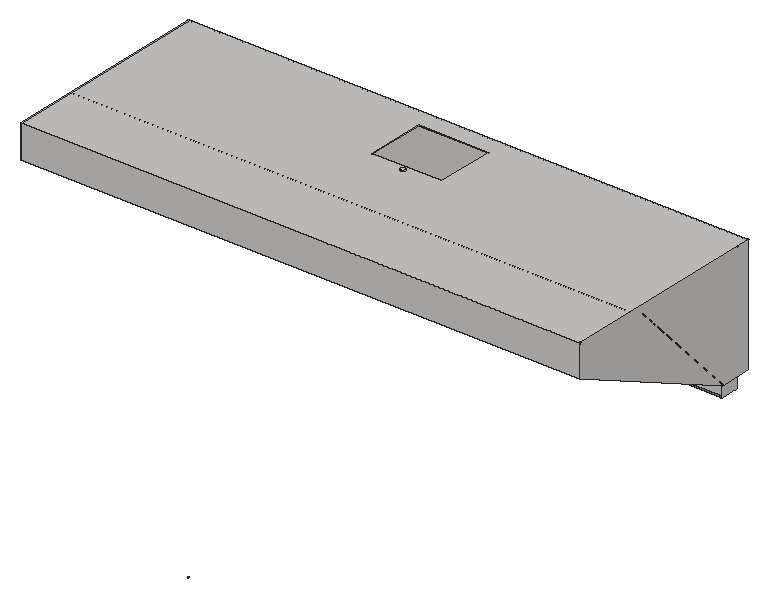
Revit family "QF_ELECTROLUXPROFESSIONAL_644186_AMPV924BT", category Specialty Equipment, Revit 2014
Reference planes
  plane 1: z = 0
  plane 2 "Center (Left/Right)": x = 150
  plane 3 "LEFT": x = -1050
  plane 4 "RIGHT": x = 1350
  plane 5 "BACK": y = 550
  plane 6 "Plane": z = 2000
  plane 7 "TOP": z = 2140
  plane 8 "Base": z = 1640
  plane 9: z = 1566
  plane 10 "DrainY": y = 485
  plane 11: x = -1047
  plane 12: through (0, 414.509, 1640.8) normal (0, 0.7314, 0.682)
  plane 13: y = 470
  plane 14: y = 220
  plane 15 "DrainX": x = 1230
  plane 16: x = 300
  plane 17: x = 0
  plane 18: x = 1347
  plane 19: x = 1140
  plane 20: x = 1320
  plane 21: x = -1010
  plane 22: x = -645
  plane 23: x = -450
  plane 24: x = 1310
  plane 25: x = 945
  plane 26: x = 750
  plane 27: x = -47.5
  plane 28: x = 347.5
  plane 29 "Center (Front/Back)": y = 100
  plane 30 "Front": y = -350
  plane 31: y = 200
Forms (mm)
  Extrusion 1, solid, material "QF_Finishes_Stainless Steel"
    sketch origin (-1050, 0, 0) x (0, 1, 0) y (0, 0, 1)
      loop
        line (550, 1640) -> (550, 2140) -> (-350, 2140) -> (-350, 1999.112) -> (413.973, 1640) -> (550, 1640)
    from 0 to 3
  Extrusion 2, solid, material "QF_Finishes_Stainless Steel"
    sketch origin (150, 0, 0) x (0, 1, 0) y (0, 0, 1)
      loop
        line (415.255, 1640) -> (550, 1640) -> (550, 2139.19) -> (549.2, 2139.19) -> (549.2, 1640.8) -> (415.876, 1640.8) -> (339.347, 1722.867) -> (349.609, 1732.436) -> (348.927, 1733.167) -> (337.934, 1722.917) -> (415.255, 1640)
      loop
        line (-82.203, 2139.19) -> (-82.203, 2118.6) -> (-31.047, 2118.6) -> (34.354, 2048.466) -> (46.028, 2059.352) -> (45.346, 2060.083) -> (34.403, 2049.879) -> (-30.612, 2119.6) -> (-81.203, 2119.6) -> (-81.203, 2139.19) -> (-82.203, 2139.19)
    from -1197 to 1197
  Extrusion 3, solid, material "QF_Finishes_Stainless Steel"
    sketch origin (1350, 0, 0) x (0, 1, 0) y (0, 0, 1)
      loop
        line (550, 1640) -> (550, 2140) -> (-350, 2140) -> (-350, 1999.112) -> (413.973, 1640) -> (550, 1640)
    from 0 to -3
  Extrusion 4, solid, material "QF_Finishes_Stainless Steel"
    sketch origin (150, 0, 0) x (0, 1, 0) y (0, 0, 1)
      loop
        line (-350, 2140) -> (-350, 2000) -> (-349.2, 2000) -> (-349.2, 2139.19) -> (550, 2139.19) -> (550, 2140) -> (-350, 2140)
    from -1200 to 1200
  Extrusion 5, solid, material "QF_Finishes_Stainless Steel"
    sketch origin (150, 0, 0) x (0, 1, 0) y (0, 0, 1)
      loop
        line (534, 1640) -> (436, 1640) -> (436, 1627) -> (443.5, 1627) -> (443.5, 1576)
        arc (443.5, 1576) -> (446.429, 1568.929) -> (453.5, 1566) r 10
        line (453.5, 1566) -> (516.5, 1566)
        arc (516.5, 1566) -> (523.571, 1568.929) -> (526.5, 1576) r 10
        line (526.5, 1576) -> (526.5, 1627) -> (534, 1627) -> (534, 1640)
    from 990 to 1170
  Extrusion 6, solid, material "QF_Finishes_Stainless Steel"
    sketch origin (0, 0, 1640) x (0, 1, 0) y (-1, 0, 0)
      loop
        circle (485, -1230) r 20
    from -76 to -74
  Extrusion 7, solid, material "QF_Finished_Chrome"
    sketch origin (150, 0, 0) x (0, 1, 0) y (0, 0, 1)
      loop
        line (337.934, 1722.917) -> (341.591, 1726.327) -> (38.011, 2051.876) -> (34.354, 2048.466) -> (337.934, 1722.917)
    from -795 to -1160
  Extrusion 8, solid, material "QF_Finished_Chrome"
    sketch origin (150, 0, 0) x (0, 1, 0) y (0, 0, 1)
      loop
        line (337.934, 1722.917) -> (341.591, 1726.327) -> (38.011, 2051.876) -> (34.354, 2048.466) -> (337.934, 1722.917)
    from -197.5 to -600
  Extrusion 9, solid, material "QF_Finishes_Stainless Steel"
    sketch origin (150, 0, 0) x (0, 1, 0) y (0, 0, 1)
      loop
        line (337.934, 1722.917) -> (341.591, 1726.327) -> (38.011, 2051.876) -> (34.354, 2048.466) -> (337.934, 1722.917)
    from 1197 to 1160
  Extrusion 10, solid, material "QF_Finishes_Stainless Steel"
    sketch origin (150, 0, 0) x (0, 1, 0) y (0, 0, 1)
      loop
        line (341.588, 1726.324) -> (38.009, 2051.874) -> (34.354, 2048.466) -> (337.934, 1722.917) -> (341.588, 1726.324)
    from -795 to -600
  Extrusion 11, solid, material "QF_Finished_Chrome"
    sketch origin (150, 0, 0) x (0, 1, 0) y (0, 0, 1)
      loop
        line (341.588, 1726.324) -> (38.009, 2051.874) -> (34.354, 2048.466) -> (337.934, 1722.917) -> (341.588, 1726.324)
    from 795 to 1160
  Extrusion 12, void
    sketch origin (0, 0, 2140) x (0, 1, 0) y (-1, 0, 0)
      loop
        line (470, 0) -> (220, 0) -> (220, -300) -> (470, -300) -> (470, 0)
    from 0 to -10
  Extrusion 13, solid, material "QF_Finishes_Stainless Steel"
    sketch origin (0, 0, 0) x (1, 0, 0) y (0, 1, 0)
      loop
        line (-1050, 550) -> (-1050, 549) -> (-1049, 549) -> (-1049, 550) -> (-1050, 550)
    from 0 to 1
  Extrusion 14, solid, material "QF_Finishes_Stainless Steel"
    sketch origin (150, 0, 0) x (0, 1, 0) y (0, 0, 1)
      loop
        line (337.934, 1722.917) -> (341.591, 1726.327) -> (38.011, 2051.876) -> (34.354, 2048.466) -> (337.934, 1722.917)
    from -1160 to -1197
  Extrusion 15, solid, material "QF_Finishes_Stainless Steel"
    sketch origin (150, 0, 0) x (0, 1, 0) y (0, 0, -1)
      loop
        line (341.588, -1726.324) -> (337.934, -1722.917) -> (34.354, -2048.466) -> (38.009, -2051.874) -> (341.588, -1726.324)
    from -795 to -600
  Extrusion 16, solid, material "QF_Finished_Chrome"
    sketch origin (150, 0, 0) x (0, 1, 0) y (0, 0, 1)
      loop
        line (337.934, 1722.917) -> (341.591, 1726.327) -> (38.011, 2051.876) -> (34.354, 2048.466) -> (337.934, 1722.917)
    from 600 to 197.5
  Extrusion 17, solid, material "QF_Finishes_Stainless Steel"
    sketch origin (150, 0, 0) x (0, 1, 0) y (0, 0, -1)
      loop
        line (341.588, -1726.324) -> (337.934, -1722.917) -> (34.354, -2048.466) -> (38.009, -2051.874) -> (341.588, -1726.324)
    from -197.5 to 197.5
  Extrusion 18, solid, material "QF_Finishes_Stainless Steel"
    sketch origin (0, 0, 2140) x (0, 1, 0) y (-1, 0, 0)
      loop
        circle (200, -150) r 10
    from 0 to 1.6
Cuts and joins
  Extrusion 12 cuts Extrusion 4
  joined: Extrusion 2, Extrusion 4
Lines and regions (mm)
  reference lines
    curve 1: line (150, 34.354, 2048.466) -> (150, 34.354, 1888.466)
  symbolic lines, style "SpecialityEquipment", detail levels coarse
    curve 2: line (1350, 550, 2140) -> (-1050, 550, 2140)
    curve 3: line (-1050, 550, 2140) -> (-1050, -350, 2140)
    curve 4: line (1350, -350, 2140) -> (1350, 550, 2140)
    curve 5: line (-1050, -350, 2140) -> (1350, -350, 2140)
    curve 6: line (0, 220, 2140) -> (300, 220, 2140)
    curve 7: line (0, 470, 2140) -> (0, 220, 2140)
    curve 8: line (300, 470, 2140) -> (0, 470, 2140)
    curve 9: line (300, 220, 2140) -> (300, 470, 2140)
    curve 10: line (-1050, 550, 0) -> (1350, -350, 0)
    curve 11: line (1350, 550, 0) -> (-1050, -350, 0)
Dimensions and locks
  plane 3 "LEFT" to plane 4 "RIGHT" = 2400 mm
  equal spacing: plane 3 "LEFT", plane 2 "Center (Left/Right)", plane 4 "RIGHT"
  locked: plane 6 "Plane" to level at 2000
  plane 7 "TOP" to plane 6 "Plane" = 140 mm
  locked: plane 7 "TOP" to plane 8 "Base" at 500
  plane 8 "Base" to plane 9 = 74 mm
  plane 5 "BACK" to plane 10 "DrainY" = 65 mm  (x2)
  plane 3 "LEFT" to plane 11 = 3 mm
  plane 5 "BACK" to plane 13 = 80 mm
  plane 13 to plane 14 = 250 mm  (x2)
  plane 15 "DrainX" to plane 4 "RIGHT" = 120 mm
  plane 18 to plane 4 "RIGHT" = 3 mm
  locked: plane 19 to plane 15 "DrainX" at 90
  locked: plane 15 "DrainX" to plane 20 at 90
  plane 13 to plane 5 "BACK" = 80 mm
  locked: plane 3 "LEFT" to plane 21 at 40
  locked: plane 21 to plane 22 at 365
  locked: plane 22 to plane 23 at 195
  locked: plane 24 to plane 25 at 365
  locked: plane 25 to plane 26 at 195
  locked: plane 24 to plane 4 "RIGHT" at 40
  locked: plane 27 to plane 28 at 395
  equal spacing: plane 27, plane 2 "Center (Left/Right)", plane 28
  locked: plane 17 to plane 16 at 300
  equal spacing: plane 17, plane 2 "Center (Left/Right)", plane 16
  plane 23 to plane 27 = 402.5 mm
  plane 28 to plane 26 = 402.5 mm
  locked: plane 5 "BACK" to plane 30 "Front" at 900
  equal spacing: plane 5 "BACK", plane 29 "Center (Front/Back)", plane 30 "Front"
  plane 5 "BACK" to plane 30 "Front" = 900 mm
  plane 14 to plane 31 = 20 mm
  aligned and locked: level to plane 1
  aligned and locked: Extrusion 2 to Extrusion 1
  aligned and locked: Extrusion 2 to Extrusion 3
  aligned and locked: plane 4 "RIGHT" to Extrusion 4
  aligned and locked: Extrusion 4 to plane 3 "LEFT"
  aligned and locked: plane 18 to Extrusion 9
  aligned and locked: plane 17 to Extrusion 12
  aligned and locked: Extrusion 12 to plane 16
  aligned and locked: Extrusion 12 to plane 14
  aligned and locked: Extrusion 12 to plane 13
  aligned and locked: Extrusion 2 to Extrusion 4
  aligned and locked: plane 20 to Extrusion 5
  aligned and locked: Extrusion 5 to plane 19
  aligned and locked: Extrusion 9 to plane 24
  aligned and locked: Extrusion 11 to plane 24
  aligned and locked: Extrusion 11 to plane 25
  aligned and locked: Extrusion 8 to plane 23
  aligned and locked: plane 23 to Extrusion 10
  aligned and locked: Extrusion 10 to plane 22
  aligned and locked: plane 22 to Extrusion 7
  aligned and locked: Extrusion 7 to plane 21
  aligned and locked: Extrusion 14 to plane 11
  aligned and locked: plane 21 to Extrusion 14
  aligned and locked: Extrusion 15 to plane 26
  aligned and locked: Extrusion 15 to plane 25
  aligned and locked: Extrusion 3 to plane 18
  aligned and locked: plane 27 to Extrusion 8
  aligned and locked: Extrusion 16 to plane 26
  aligned and locked: Extrusion 16 to plane 28
  aligned and locked: plane 28 to Extrusion 17
  aligned and locked: Extrusion 17 to plane 27
Automatic sketch dimensions
  curve 5 to plane 3 "LEFT" = 0 mm
  curve 9 to plane 14 = 0 mm
  plane 13 to curve 8 = 0 mm
  curve 3 to plane 5 "BACK" = 0 mm
  curve 5 to plane 4 "RIGHT" = 0 mm
  curve 6 to plane 16 = 0 mm
  curve 6 to plane 17 = 0 mm
  Extrusion 2 sketch curve to plane 12 = 0 mm  (x3)
  Extrusion 2 sketch curve to plane 8 "Base" = 0 mm
  plane 12 to Extrusion 2 sketch curve = 0 mm
  Extrusion 2 sketch curve to plane 5 "BACK" = 0 mm
  Extrusion 2 sketch curve to Extrusion 2 sketch curve = 65.646 mm
  Extrusion 2 sketch curve to Extrusion 2 sketch curve = 0.682 mm  (x2)
  Extrusion 2 sketch curve to Extrusion 2 sketch curve = 10.261 mm
  plane 8 "Base" to Extrusion 2 sketch curve = 82.917 mm
  Extrusion 2 sketch curve to Extrusion 2 sketch curve = 10.942 mm
  Extrusion 2 sketch curve to Extrusion 2 sketch curve = 0.049 mm
  Extrusion 2 sketch curve to plane 7 "TOP" = 20.4 mm
  Extrusion 2 sketch curve to plane 7 "TOP" = 21.4 mm
  Extrusion 2 sketch curve to plane 7 "TOP" = 0.81 mm  (x2)
  Extrusion 2 sketch curve to Extrusion 2 sketch curve = 50.156 mm
  Extrusion 2 sketch curve to Extrusion 2 sketch curve = 1 mm
  plane 8 "Base" to Extrusion 2 sketch curve = 0.8 mm
  Extrusion 2 sketch curve to plane 5 "BACK" = 0.8 mm
  Extrusion 3 sketch curve to plane 8 "Base" = 0 mm
  Extrusion 3 sketch curve to plane 5 "BACK" = 0 mm
  Extrusion 3 sketch curve to plane 7 "TOP" = 0 mm
  plane 13 to Extrusion 3 sketch curve = 56.027 mm
  Extrusion 4 sketch curve to plane 6 "Plane" = 0 mm
  Extrusion 4 sketch curve to plane 5 "BACK" = 0 mm
  Extrusion 4 sketch curve to plane 7 "TOP" = 0 mm
  Extrusion 4 sketch curve to plane 7 "TOP" = 0.81 mm
  curve 1 to plane 12 = 0 mm
  curve 1 to plane 6 "Plane" = 111.534 mm
  Extrusion 5 sketch curve to plane 8 "Base" = 0 mm
  Extrusion 5 sketch curve to plane 9 = 0 mm
  Extrusion 5 sketch curve to plane 8 "Base" = 13 mm  (x2)
  plane 13 to Extrusion 5 sketch curve = 34 mm
  Extrusion 5 sketch curve to Extrusion 5 sketch curve = 7.5 mm  (x2)
  Extrusion 5 sketch curve to Extrusion 5 sketch curve = 10 mm
  plane 10 "DrainY" to Extrusion 5 sketch curve = 31.5 mm
  Extrusion 5 sketch curve to plane 5 "BACK" = 23.5 mm
  Extrusion 6 sketch curve to plane 10 "DrainY" = 0 mm
  Extrusion 6 sketch curve to plane 15 "DrainX" = 0 mm
  Extrusion 7 sketch curve to plane 12 = 0 mm  (x2)
  Extrusion 7 sketch curve to Extrusion 7 sketch curve = 3.657 mm
  plane 8 "Base" to Extrusion 7 sketch curve = 82.917 mm
  Extrusion 8 sketch curve to plane 12 = 0 mm  (x2)
  Extrusion 8 sketch curve to Extrusion 8 sketch curve = 3.657 mm
  plane 8 "Base" to Extrusion 8 sketch curve = 82.917 mm
  Extrusion 9 sketch curve to plane 12 = 0 mm  (x2)
  Extrusion 9 sketch curve to Extrusion 9 sketch curve = 3.657 mm
  plane 8 "Base" to Extrusion 9 sketch curve = 82.917 mm
  Extrusion 10 sketch curve to plane 12 = 0 mm  (x2)
  Extrusion 10 sketch curve to Extrusion 10 sketch curve = 3.655 mm
  plane 8 "Base" to Extrusion 10 sketch curve = 82.917 mm
  Extrusion 11 sketch curve to plane 12 = 0 mm  (x2)
  Extrusion 11 sketch curve to Extrusion 11 sketch curve = 3.655 mm
  plane 8 "Base" to Extrusion 11 sketch curve = 82.917 mm
  Extrusion 12 sketch curve to plane 14 = 0 mm
  plane 13 to Extrusion 12 sketch curve = 0 mm
  Extrusion 12 sketch curve to plane 16 = 0 mm
  Extrusion 12 sketch curve to plane 17 = 0 mm
  Extrusion 13 sketch curve to plane 3 "LEFT" = 0 mm
  Extrusion 13 sketch curve to plane 5 "BACK" = 0 mm
  plane 3 "LEFT" to Extrusion 13 sketch curve = 1 mm
  Extrusion 13 sketch curve to Extrusion 13 sketch curve = 1 mm
  Extrusion 14 sketch curve to plane 12 = 0 mm  (x2)
  Extrusion 14 sketch curve to Extrusion 14 sketch curve = 3.657 mm
  plane 8 "Base" to Extrusion 14 sketch curve = 82.917 mm
  Extrusion 15 sketch curve to plane 12 = 0 mm  (x2)
  Extrusion 15 sketch curve to Extrusion 15 sketch curve = 3.655 mm
  plane 8 "Base" to Extrusion 15 sketch curve = 82.917 mm
  Extrusion 16 sketch curve to plane 12 = 0 mm  (x2)
  Extrusion 16 sketch curve to Extrusion 16 sketch curve = 3.657 mm
  plane 8 "Base" to Extrusion 16 sketch curve = 82.917 mm
  Extrusion 17 sketch curve to plane 12 = 0 mm  (x2)
  Extrusion 17 sketch curve to Extrusion 17 sketch curve = 3.655 mm
  plane 8 "Base" to Extrusion 17 sketch curve = 82.917 mm
  Extrusion 4 sketch curve to Extrusion 4 sketch curve = 0.8 mm
  curve 5 to plane 14 = 570 mm
  plane 6 "Plane" to Extrusion 2 sketch curve = 48.466 mm
  Extrusion 4 sketch curve to plane 14 = 569.2 mm
  curve 1 to plane 14 = 185.646 mm
  plane 6 "Plane" to Extrusion 7 sketch curve = 51.876 mm
  plane 6 "Plane" to Extrusion 8 sketch curve = 51.876 mm
  plane 6 "Plane" to Extrusion 9 sketch curve = 51.876 mm
  plane 6 "Plane" to Extrusion 10 sketch curve = 51.874 mm
  plane 6 "Plane" to Extrusion 11 sketch curve = 51.874 mm
  plane 6 "Plane" to Extrusion 14 sketch curve = 51.876 mm
  plane 6 "Plane" to Extrusion 15 sketch curve = 51.874 mm
  plane 6 "Plane" to Extrusion 16 sketch curve = 51.876 mm
  plane 6 "Plane" to Extrusion 17 sketch curve = 51.874 mm
  Extrusion 1 sketch curve to plane 30 "Front" = 0 mm
  Extrusion 1 sketch curve to plane 8 "Base" = 0 mm
  Extrusion 1 sketch curve to plane 5 "BACK" = 0 mm
  Extrusion 1 sketch curve to plane 7 "TOP" = 0 mm
  plane 13 to Extrusion 1 sketch curve = 56.027 mm
  Extrusion 1 sketch curve to plane 6 "Plane" = 0.888 mm
  Extrusion 3 sketch curve to plane 30 "Front" = 0 mm
  Extrusion 3 sketch curve to plane 6 "Plane" = 0.888 mm
  curve 11 to plane 3 "LEFT" = 0 mm
  curve 10 to plane 3 "LEFT" = 0 mm
  curve 11 to plane 4 "RIGHT" = 0 mm
  curve 10 to plane 4 "RIGHT" = 0 mm
  curve 10 to plane 30 "Front" = 0 mm
  curve 11 to plane 30 "Front" = 0 mm
  curve 11 to plane 5 "BACK" = 0 mm
  curve 10 to plane 5 "BACK" = 0 mm
  Extrusion 18 sketch curve to plane 2 "Center (Left/Right)" = 0 mm
  Extrusion 18 sketch curve to plane 31 = 0 mm
  radius of Extrusion 6 sketch curve = 20 mm
  radius of Extrusion 18 sketch curve = 10 mm
Connectors
  piping at (1230, 485, 1564), diameter 20
    settings: on Extrusion 6, index 1, connector inside diameter 609.6 mm, connector length 0 mm, flow factor 0, pipe flow 0.0 L/s, pressure drop 0.0 Pa, fitting loss kfactor 0, connector angle 0.00°, fixture units 0, engagement length 0 mm, angle of deflection 0.00°, flow configuration 1, flow direction 2, fitting loss method 0, system type 16, joint type 0, gender type 0, connector reference index -1, connector utility 0, adjustable connector no, is connector primary yes, connector description "Drain"
  hvac at (150, 345, 2140)
    settings: on Extrusion 12, index 2, duct flow 0.0 L/s, flow factor 0, pres drop 0.0 Pa, loss coef 0, conn angle 0.00°, conn width 250 mm, conn height 300 mm, conn diameter 609.6 mm, duct sys type 3, conn prof type 1, flow config 1, flow direction 0, loss method 0, conn ref index -1, conn util no, is conn primary yes, conn desc "EXHAUST OUTLET"
  electrical at (150, 200, 2140)
    settings: on Extrusion 18, index 3, voltage 0 V, apparent load 0 VA, apparent load phase1 0 VA, apparent load phase2 0 VA, apparent load phase3 0 VA, power factor 1, load classification "Other", number of poles 1, system type 30, power factor state 1, is connector primary yes, connector utility no, sub classification motor no, connector description "Electrical Connection"
